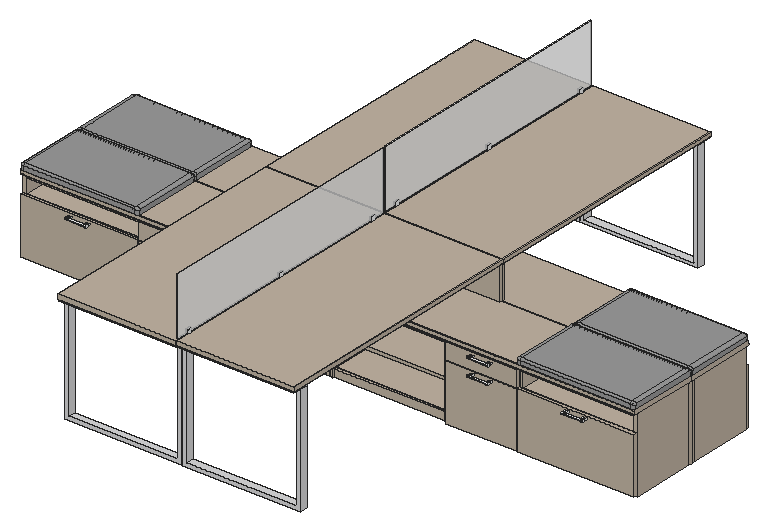
Revit family "JSI-Vision-Typical_Laminate-VST108", category Furniture, Revit 2020
Family settings
  OmniClass Number = 23.40.20.00
  OmniClass Title = General Furniture and Specialties
  Work Plane-Based = No
  Always vertical = Yes
  Cut with Voids When Loaded = No
  Shared = No
  Room Calculation Point = No
Parameters (values of type "VST108")
  URL = "www.jsifurniture.com"
  Type Comments = "Typical Laminate"  # constant formula
  Model = "VST108"
  Manufacturer = "JSI"  # constant formula
  Keynote = "12500"
  Default Elevation = 0"
  Assembly Code = "E2020200"
Reference planes (in)
  plane 1 "Center Front/Back": y = 0
  plane 2: z = 0
  plane 3 "Center Left/Right": x = 0
Dimensions and locks (in)
  aligned and locked: level to plane 2
Nested families (in)
  nested 1: "JSI-Vision-Privacy_Screen_Rectangle" at (-0.4038, 0, -0.4589) x (0, 1, 0) z (0, 0, 1), type "VSB1566ASR, Prvcy Scrn Rec 15"H, 66"W"
    with Width 66"
  nested 2: "JSI-Vision-Rectangle_Desk_Top" at (0, 0, -1.6464) x (0, -1, 0) z (0, 0, 1), type "VST3066MCT, Laminate Rectangular Desk Top, 30" x 66""
    with Width 66"
  nested 3: "JSI-Vision-Box_File_Modular_Bench_Pedestal" at (30, 0, 0), type "VSTB1818MBF - Laminate BF Modular Bench H Ped"
    with Height 18.744"
  nested 4: "JSI-Vision-Open_Shelf_File_Modular_Bench_Pedestal" at (47.9996, 0, 0), type "VSTB1830MOF, Laminate OF Modular Bench H Ped"
    with Width 30", Height 18.744"
  nested 5: "JSI-Vision-Open_Shelf_Modular_Bench_Pedestal" at (0, 0, 0), type "VSTB1830MOS, Laminate OS Modular Bench H Ped"
    with Width 30", Height 18.744"
  nested 6: "JSI-Vision-Bench_Height_Modular_Top" at (-78, 0, -0.6469), type "VSTB1878MT, Laminate Mod Bench H Top, 18" x 78""
    with Width 78", Depth 18"
  nested 7: "JSI-Vision-Open_Shelf_Modular_Bench_Pedestal" at (0, 0, 0) x (-1, 0, 0) z (0, 0, 1), type "VSTB1830MOS, Laminate OS Modular Bench H Ped"
    with Width 30", Height 18.744"
  nested 8: "JSI-Vision-Box_File_Modular_Bench_Pedestal" at (-30, 0, 0) x (-1, 0, 0) z (0, 0, 1), type "VSTB1818MBF - Laminate BF Modular Bench H Ped"
    with Height 18.744"
  nested 9: "JSI-Vision-Open_Shelf_File_Modular_Bench_Pedestal" at (-47.9996, 0, 0) x (-1, 0, 0) z (0, 0, 1), type "VSTB1830MOF, Laminate OF Modular Bench H Ped"
    with Width 30", Height 18.744"
  nested 10: "JSI-Vision-Box_File_Modular_Bench_Pedestal" at (30, 0, 0), type "VSTB1818MBF - Laminate BF Modular Bench H Ped"
    with Height 18.744"
  nested 11: "JSI-Vision-Open_Shelf_File_Modular_Bench_Pedestal" at (47.9996, 0, 0), type "VSTB1830MOF, Laminate OF Modular Bench H Ped"
    with Width 30", Height 18.744"
  nested 12: "JSI-Vision-Open_Shelf_Modular_Bench_Pedestal" at (0, 0, 0), type "VSTB1830MOS, Laminate OS Modular Bench H Ped"
    with Width 30", Height 18.744"
  nested 13: "JSI-Vision-Open_Shelf_Modular_Bench_Pedestal" at (0, 0, 0) x (-1, 0, 0) z (0, 0, 1), type "VSTB1830MOS, Laminate OS Modular Bench H Ped"
    with Width 30", Height 18.744"
  nested 14: "JSI-Vision-Box_File_Modular_Bench_Pedestal" at (-30, 0, 0) x (-1, 0, 0) z (0, 0, 1), type "VSTB1818MBF - Laminate BF Modular Bench H Ped"
    with Height 18.744"
  nested 15: "JSI-Vision-Open_Shelf_File_Modular_Bench_Pedestal" at (-47.9996, 0, 0) x (-1, 0, 0) z (0, 0, 1), type "VSTB1830MOF, Laminate OF Modular Bench H Ped"
    with Width 30", Height 18.744"
  nested 16: "JSI-Vision-Bench_Height_Cushion" at (-78, -18, 0.5406), type "VSB1830CUSH, 18d Bench H Cushion, 30 W"
    with Width 30", Depth 18"
  nested 17: "JSI-Vision-Bench_Height_Modular_Top" at (-78, 0, -0.6469), type "VSTB1878MT, Laminate Mod Bench H Top, 18" x 78""
    with Width 78", Depth 18"
  nested 18: "JSI-Vision-Bench_Height_Modular_Top" at (78, 0, -0.6469) x (-1, 0, 0) z (0, 0, 1), type "VSTB1878MT, Laminate Mod Bench H Top, 18" x 78""
    with Width 78", Depth 18"
  nested 19: "JSI-Vision-Bench_Height_Modular_Top" at (78, 0, -0.6469) x (-1, 0, 0) z (0, 0, 1), type "VSTB1878MT, Laminate Mod Bench H Top, 18" x 78""
    with Width 78", Depth 18"
  nested 20: "JSI-Vision-Bench_Height_Cushion" at (-78, 18, 0.5406), type "VSB1830CUSH, 18d Bench H Cushion, 30 W"
    with Width 30", Depth 18"
  nested 21: "JSI-Vision-Bench_Height_Cushion" at (78, -18, 0.5406) x (-1, 0, 0) z (0, 0, 1), type "VSB1830CUSH, 18d Bench H Cushion, 30 W"
    with Width 30", Depth 18"
  nested 22: "JSI-Vision-Bench_Height_Cushion" at (78, 18, 0.5406) x (-1, 0, 0) z (0, 0, 1), type "VSB1830CUSH, 18d Bench H Cushion, 30 W"
    with Width 30", Depth 18"
  nested 23: "JSI-Vision-Rectangle_Desk_Top" at (0, 0, -1.6464) x (0, -1, 0) z (0, 0, 1), type "VST3066MCT, Laminate Rectangular Desk Top, 30" x 66""
    with Width 66"
  nested 24: "JSI-Vision-Rectangle_Desk_Top" at (0, 0, -1.6464) x (0, 1, 0) z (0, 0, 1), type "VST3066MCT, Laminate Rectangular Desk Top, 30" x 66""
    with Width 66"
  nested 25: "JSI-Vision-Rectangle_Desk_Top" at (0, 0, -1.6464) x (0, 1, 0) z (0, 0, 1), type "VST3066MCT, Laminate Rectangular Desk Top, 30" x 66""
    with Width 66"
  nested 26: "JSI-Vision_Bench_Height_T_Sup" at (6.2517, -10.75, 20.0406), type "VSTB1030TSP, Laminate 30  Bench Height T Supports"
  nested 27: "JSI-Vision_Bench_Height_T_Sup" at (-6.2517, -10.75, 20.0406) x (-1, 0, 0) z (0, 0, 1), type "VSTB1030TSP, Laminate 30  Bench Height T Supports"
  nested 28: "JSI-Vision_Bench_Height_T_Sup" at (6.2517, 10.75, 20.0406), type "VSTB1030TSP, Laminate 30  Bench Height T Supports"
  nested 29: "JSI-Vision_Bench_Height_T_Sup" at (-6.2517, 10.75, 20.0406) x (-1, 0, 0) z (0, 0, 1), type "VSTB1030TSP, Laminate 30  Bench Height T Supports"
  nested 30: "JSI-Vision-Privacy_Screen_Rectangle" at (-0.4038, 0, -0.4589) x (0, -1, 0) z (0, 0, 1), type "VSB1566ASR, Prvcy Scrn Rec 15"H, 66"W"
    with Width 66"
  nested 31: "JSI-Vision-Metal_Rectangular_Base" at (-29.90625, -63, 0) x (0, 1, 0) z (0, 0, 1), type "VSB3028FSQ, Metal Rectangular Base for Peninsula 28 5/16"H"
  nested 32: "JSI-Vision-Metal_Rectangular_Base" at (29.90625, -63, 0) x (0, 1, 0) z (0, 0, 1), type "VSB3028FSQ, Metal Rectangular Base for Peninsula 28 5/16"H"
  nested 33: "JSI-Vision-Metal_Rectangular_Base" at (-29.90625, 63, 0) x (0, -1, 0) z (0, 0, 1), type "VSB3028FSQ, Metal Rectangular Base for Peninsula 28 5/16"H"
  nested 34: "JSI-Vision-Metal_Rectangular_Base" at (29.90625, 63, 0) x (0, -1, 0) z (0, 0, 1), type "VSB3028FSQ, Metal Rectangular Base for Peninsula 28 5/16"H"
  nested 35: "JSI-Vision-Support_Rail_Work_Surface" at (-16, -56.75, 0.54138) x (0, 1, 0) z (0, 0, 1), type "GP0243SB, Metal Support Rail for Work Surface  2W 43 L 3/4H"
  nested 36: "JSI-Vision-Support_Rail_Work_Surface" at (16, -56.75, 0.54138) x (0, 1, 0) z (0, 0, 1), type "GP0243SB, Metal Support Rail for Work Surface  2W 43 L 3/4H"
  nested 37: "JSI-Vision-Support_Rail_Work_Surface" at (-16, 56.75, 0.54138) x (0, -1, 0) z (0, 0, 1), type "GP0243SB, Metal Support Rail for Work Surface  2W 43 L 3/4H"
  nested 38: "JSI-Vision-Support_Rail_Work_Surface" at (16, 56.75, 0.54138) x (0, -1, 0) z (0, 0, 1), type "GP0243SB, Metal Support Rail for Work Surface  2W 43 L 3/4H"
Definition of nested family "JSI-Vision-Privacy_Screen_Rectangle"
  Parameters (values of type "VS1572ASR, Privacy Screen")
    Width = 72"
    URL = "www.jsifurniture.com"
    Type Comments = ""
    Series = "Vision Casegoods"  # constant formula
    Model = "VS1572ASR"
    Material = ""
    Manufacturer = "JSI"  # constant formula
    Keynote = "12500"  # constant formula
    JSI Enviromental Website = "http://www.jsifurniture.com/jsi_sustainability_intro.php"
    Floor Offset = 30"
    Height = 15"
    Description = "Privacy Screen, 72\" W"
    Depth = 1/4"
    Modesty Panel = none
    Default Elevation = 0"
    Brackets = none
    Assembly Code = "E2020200"
  Reference planes (in)
    plane 1 "Center Front/Back": y = 0
    plane 2: z = 0
    plane 3 "Center Left/Right": x = 0
    plane 4: z = 0
    plane 5: z = 30
    plane 6: x = 72
    plane 7: z = 45
    plane 8: x = 0.375
    plane 9: x = 71.625
    plane 10: x = 3.865
    plane 11: x = 36
    plane 12: y = -0.2788
    plane 13: y = -0.5288
    plane 14: x = 3.375
    plane 15: x = 4.355
    plane 16: x = 35.51
    plane 17: x = 36.49
    plane 18: x = 68.135
    plane 19: x = 68.625
    plane 20: x = 67.645
    plane 21: z = 30.11
    plane 22: y = -0.18258
    plane 23: y = -0.62502
  Forms (in)
    Extrusion 1, solid, material <- "Modesty Panel"
      sketch origin (-3.54233, -3.25, 16.1875) x (1, 0, 0) y (0, 0, 1)
        loop
          line (3.91733, 28.8125) -> (3.91733, 13.9225) -> (75.16733, 13.9225) -> (75.16733, 28.8125) -> (3.91733, 28.8125)
      from -2.9712 to -2.7212
    Extrusion 2, solid, material <- "Brackets"
      sketch origin (0, 0, 0) x (0, 1, 0) y (0, 0, 1)
        loop
          line (-0.5288, 31.06) -> (-0.62502, 31.06) -> (-0.62502, 30) -> (-0.18258, 30) -> (-0.18258, 31.06) -> (-0.2788, 31.06) -> (-0.2788, 30.11) -> (-0.5288, 30.11) -> (-0.5288, 31.06)
      from 3.375 to 4.355
    Extrusion 3, solid, material <- "Brackets"
      sketch origin (36, 7.87498, 48) x (0, -1, 0) y (0, 0, 1)
        loop
          line (8.40378, -16.94) -> (8.40378, -17.89) -> (8.15378, -17.89) -> (8.15378, -16.94) -> (8.05756, -16.94) -> (8.05756, -18) -> (8.5, -18) -> (8.5, -16.94) -> (8.40378, -16.94)
      from -0.49 to 0.49
    Extrusion 4, solid, material <- "Brackets"
      sketch origin (72, 0, 0) x (0, 1, 0) y (0, 0, -1)
        loop
          line (-0.5288, -31.06) -> (-0.5288, -30.11) -> (-0.2788, -30.11) -> (-0.2788, -31.06) -> (-0.18258, -31.06) -> (-0.18258, -30) -> (-0.62502, -30) -> (-0.62502, -31.06) -> (-0.5288, -31.06)
      from 3.375 to 4.355
  Lines and regions (in)
    symbolic lines
      curve 1: line (0.375, -0.5288, 0) -> (71.625, -0.5288, 0)
      curve 2: line (71.625, -0.2788, 0) -> (0.375, -0.2788, 0)
      curve 3: line (0.375, -0.2788, 0) -> (0.375, -0.5288, 0)
      curve 4: line (71.625, -0.5288, 0) -> (71.625, -0.2788, 0)
      curve 5: line (67.645, -0.2788, 0) -> (67.645, -0.18258, 0)
      curve 6: line (67.645, -0.18258, 0) -> (68.625, -0.18258, 0)
      curve 7: line (68.625, -0.18258, 0) -> (68.625, -0.2788, 0)
      curve 8: line (67.645, -0.5288, 0) -> (67.645, -0.62502, 0)
      curve 9: line (67.645, -0.62502, 0) -> (68.625, -0.62502, 0)
      curve 10: line (68.625, -0.62502, 0) -> (68.625, -0.5288, 0)
      curve 11: line (35.51, -0.5288, 0) -> (35.51, -0.62502, 0)
      curve 12: line (35.51, -0.62502, 0) -> (36.49, -0.62502, 0)
      curve 13: line (36.49, -0.62502, 0) -> (36.49, -0.5288, 0)
      curve 14: line (36.49, -0.2788, 0) -> (36.49, -0.18258, 0)
      curve 15: line (36.49, -0.18258, 0) -> (35.51, -0.18258, 0)
      curve 16: line (35.51, -0.18258, 0) -> (35.51, -0.2788, 0)
      curve 17: line (3.375, -0.5288, 0) -> (3.375, -0.62502, 0)
      curve 18: line (3.375, -0.62502, 0) -> (4.355, -0.62502, 0)
      curve 19: line (4.355, -0.62502, 0) -> (4.355, -0.5288, 0)
      curve 20: line (4.355, -0.2788, 0) -> (4.355, -0.18258, 0)
      curve 21: line (4.355, -0.18258, 0) -> (3.375, -0.18258, 0)
      curve 22: line (3.375, -0.18258, 0) -> (3.375, -0.2788, 0)
  Dimensions and locks (in)
    "Floor Offset": plane 5 to plane 4
    "Width": plane 3 "Center Left/Right" to plane 6
    plane 3 "Center Left/Right" to Extrusion 1 = 71 5/8"
    "Height": plane 7 to plane 5
    "Depth": plane 13 to plane 12
    locked: plane 12 to plane 1 "Center Front/Back" at 0.2788
    plane 3 "Center Left/Right" to plane 8 to plane 10 = 3/8" locked, 3.49" locked
    equal spacing: plane 3 "Center Left/Right", plane 11, plane 6
    equal spacing: plane 14, plane 10, plane 15
    locked: plane 14 to plane 15 at 0.98
    equal spacing: plane 16, plane 11, plane 17
    locked: plane 16 to plane 17 at 0.98
    equal spacing: plane 19, plane 18, plane 20
    locked: plane 19 to plane 20 at 0.98
    plane 18 to plane 9 to plane 6 = 3.49" locked, 3/8" locked
    locked: plane 21 to plane 5 at 0.11
    aligned and locked: level to plane 2
    aligned and locked: curve 4 to Extrusion 1
    aligned and locked: curve 2 to Extrusion 1
    aligned and locked: plane 8 to Extrusion 1
    aligned and locked: Extrusion 1 to plane 12
    aligned and locked: curve 1 to Extrusion 1
    aligned and locked: Extrusion 1 to plane 9
    aligned and locked: Extrusion 2 sketch curve to Extrusion 2 sketch curve
    aligned and locked: Extrusion 1 to Extrusion 2
    aligned and locked: Extrusion 3 sketch curve to Extrusion 3 sketch curve
    aligned and locked: plane 16 to Extrusion 3
    aligned and locked: Extrusion 3 to plane 17
    aligned and locked: plane 14 to Extrusion 2
    aligned and locked: Extrusion 2 to plane 15
    aligned and locked: Extrusion 4 sketch curve to Extrusion 4 sketch curve
    aligned and locked: Extrusion 4 to plane 19
    aligned and locked: plane 20 to Extrusion 4
    aligned and locked: Extrusion 2 sketch curve to plane 12
    aligned and locked: Extrusion 2 sketch curve to plane 13
    aligned and locked: plane 22 to Extrusion 2 sketch curve
    aligned and locked: plane 23 to Extrusion 2 sketch curve
    aligned and locked: Extrusion 2 sketch curve to plane 21
    aligned and locked: plane 5 to Extrusion 2 sketch curve
    aligned and locked: plane 7 to Extrusion 1
    aligned and locked: plane 12 to Extrusion 1
    aligned and locked: plane 13 to Extrusion 1
    aligned and locked: Extrusion 1 to plane 21
    aligned and locked: Extrusion 2 to plane 5  (x7)
    aligned and locked: Extrusion 2 to plane 23
    aligned and locked: plane 22 to Extrusion 2
    aligned and locked: plane 12 to Extrusion 2
    aligned and locked: Extrusion 2 to plane 13
    aligned and locked: plane 21 to Extrusion 2
    aligned and locked: Extrusion 3 to plane 5
    aligned and locked: Extrusion 4 to plane 5
    aligned and locked: Extrusion 3 to Extrusion 2
  Automatic sketch dimensions
    plane 8 to Extrusion 1 sketch curve = 0"
    plane 9 to Extrusion 1 sketch curve = 0"
    Extrusion 1 sketch curve to plane 7 = 0"
    plane 5 to Extrusion 1 sketch curve = 0.11"
    Extrusion 2 sketch curve to Extrusion 2 sketch curve = 0.95"
    Extrusion 3 sketch curve to plane 5 = 0"
    Extrusion 3 sketch curve to plane 12 = 0"
    Extrusion 3 sketch curve to plane 13 = 0"
    Extrusion 3 sketch curve to plane 12 = 0.09622"
    plane 13 to Extrusion 3 sketch curve = 0.09622"
    plane 5 to Extrusion 3 sketch curve = 0.11"
    Extrusion 3 sketch curve to Extrusion 3 sketch curve = 0.95"
    Extrusion 4 sketch curve to plane 5 = 0"
    Extrusion 4 sketch curve to plane 13 = 0"
    Extrusion 4 sketch curve to plane 12 = 0"
    plane 13 to Extrusion 4 sketch curve = 0.09622"
    Extrusion 4 sketch curve to plane 12 = 0.09622"
    plane 5 to Extrusion 4 sketch curve = 0.11"
    Extrusion 4 sketch curve to Extrusion 4 sketch curve = 0.95"
    curve 3 to plane 8 = 0"
    curve 22 to plane 14 = 0"
    curve 18 to plane 14 = 0"
    curve 21 to plane 15 = 0"
    curve 19 to plane 15 = 0"
    curve 12 to plane 16 = 0"
    curve 16 to plane 16 = 0"
    curve 15 to plane 17 = 0"
    curve 12 to plane 17 = 0"
    curve 5 to plane 20 = 0"
    curve 8 to plane 20 = 0"
    curve 6 to plane 19 = 0"
    curve 9 to plane 19 = 0"
    curve 12 to plane 23 = 0"
    curve 10 to plane 23 = 0"
    curve 19 to plane 23 = 0"
    curve 5 to plane 22 = 0"
    curve 15 to plane 22 = 0"
    curve 22 to plane 22 = 0"
Definition of nested family "JSI-Vision-Rectangle_Desk_Top"
  Parameters (values of type "Type Catalog")
    Worksurface = none
    Width = 42"
    URL = "www.jsifurniture.com"
    Type Comments = ""
    Series = "Vision Casegoods"  # constant formula
    Model = "Type Catalog"
    Material = ""
    Manufacturer = "JSI"  # constant formula
    Keynote = "12500"
    JSI Enviromental Website = "http://www.jsifurniture.com/jsi_sustainability_intro.php"
    Height = 30"
    Description = "Type Catalog"
    Depth = 30"
    Default Elevation = 0"
    Assembly Code = "E2020200"
  Reference planes (in)
    plane 1 "Center Front/Back": y = 0
    plane 2: z = 0
    plane 3 "Center Left/Right": x = 0
    plane 4: z = 0
    plane 5: x = 42
    plane 6: y = -30
    plane 7: z = 31.1875
    plane 8: z = 30
  Forms (in)
    Extrusion 1, solid, material <- "Worksurface"
      sketch origin (0, 0, 28) x (0, 1, 0) y (0, 0, 1)
        loop
          line (-29.88189, 2) -> (0, 2) -> (0, 3.1875) -> (-29.88189, 3.1875)
          arc (-29.88189, 3.1875) -> (-29.96541, 3.15291) -> (-30, 3.06939) r 0.11811
          line (-30, 3.06939) -> (-30, 2.11811)
          arc (-30, 2.11811) -> (-29.96541, 2.03459) -> (-29.88189, 2) r 0.11811
      from 0 to 42
  Lines and regions (in)
    symbolic lines
      curve 1: line (0, 0, 0) -> (42, 0, 0)
      curve 2: line (0, -30, 0) -> (0, 0, 0)
      curve 3: line (42, -30, 0) -> (0, -30, 0)
      curve 4: line (42, 0, 0) -> (42, -30, 0)
  Dimensions and locks (in)
    "Depth": plane 6 to plane 1 "Center Front/Back"
    "Width": plane 5 to plane 3 "Center Left/Right"
    locked: plane 7 to plane 8 at 1.1875
    "Height": plane 8 to level
    aligned and locked: level to plane 2
    aligned and locked: plane 5 to Extrusion 1
    aligned and locked: curve 1 to Extrusion 1
    aligned and locked: curve 2 to Extrusion 1
    aligned and locked: plane 6 to curve 3
    aligned and locked: curve 4 to plane 5
    aligned and locked: Extrusion 1 to plane 8
    aligned and locked: Extrusion 1 to plane 7
  Automatic sketch dimensions
    Extrusion 1 sketch curve to plane 6 = 0"
    level to Extrusion 1 sketch curve = 30"
    Extrusion 1 sketch curve to plane 7 = 0"
    Extrusion 1 sketch curve to plane 1 "Center Front/Back" = 0"
    Extrusion 1 sketch curve to Extrusion 1 sketch curve = 0.11811"
    plane 6 to Extrusion 1 sketch curve = 0.11811"
Definition of nested family "JSI-Vision-Box_File_Modular_Bench_Pedestal"
  Parameters (values of type "Type Catalog")
    Width = 18"
    URL = "www.jsifurniture.com"
    Top = none
    Tag = "BF"
    Series = "Vision Casegoods"  # constant formula
    Pull Finish = none
    Model = "Type Catalog"
    Manufacturer = "JSI"  # constant formula
    Keynote = "12500"
    JSI Enviromental Website = "http://www.jsifurniture.com/jsi_sustainability_intro.php"
    Height = 18 3/4"
    Description = "Type Catalog"
    Depth = 18"
    Default Elevation = 0"
    Chassis = none
    Drawer Front = none
    Assembly Code = "E2020200"
  Reference planes (in)
    plane 1 "Center Front/Back": y = 0
    plane 2: z = 0
    plane 3 "Center Left/Right": x = 0
    plane 4: x = 18
    plane 5: y = -17.12
    plane 6: y = -17.25
    plane 7: x = 0.0625
    plane 8: x = 17.9375
    plane 9: y = -18
    plane 10: z = 0.14
    plane 11: z = 14.3909
    plane 12: z = 14.5159
    plane 13: x = 0.75
    plane 14: x = 17.25
    plane 15: y = -0.75
    plane 16: y = -16.37913
    plane 17: x = 9
    plane 18: z = 18.75
    plane 19: z = 18.6409
    plane 20: z = 18
  Forms (in)
    Extrusion 1, solid, material <- "Chassis"
      sketch origin (0.125, -0.1875, 48) x (0, 1, 0) y (0, 0, 1)
        loop
          line (-0.5625, -29.25) -> (-16.9325, -29.25) -> (-16.9325, -48) -> (-0.5625, -48) -> (-0.5625, -29.25)
      from -0.125 to 0.625
    Extrusion 2, solid, material <- "Chassis"
      sketch origin (29.875, -0.1875, 48) x (0, 1, 0) y (0, 0, 1)
        loop
          line (-0.5625, -29.25) -> (-16.9325, -29.25) -> (-16.9325, -48) -> (-0.5625, -48) -> (-0.5625, -29.25)
      from -12.625 to -11.875
    Extrusion 3, solid, material <- "Drawer Front"
      sketch origin (0, 0, 0) x (1, 0, 0) y (0, 0, 1)
        loop
          line (0.0625, 18.6409) -> (0.0625, 14.5159) -> (17.9375, 14.5159) -> (17.9375, 18.6409) -> (0.0625, 18.6409)
        loop
          line (0.0625, 14.3909) -> (0.0625, 0.14) -> (17.9375, 0.14) -> (17.9375, 14.3909) -> (0.0625, 14.3909)
      from 17.25 to 18
    Extrusion 4, solid, material <- "Chassis"
      sketch origin (0, 0, 0) x (1, 0, 0) y (0, 1, 0)
        loop
          line (0.75, -16.37913) -> (0.75, -17.12) -> (17.25, -17.12) -> (17.25, -16.37913) -> (0.75, -16.37913)
      from 0 to 1.9375
    Extrusion 5, solid, material <- "Top"
      sketch origin (0, 0, 0) x (0, 1, 0) y (0, 0, 1)
        loop
          line (-1.5, 18.75) -> (-17.12, 18.75) -> (-17.12, 18) -> (-1.5, 18) -> (-1.5, 18.75)
      from 0.75 to 17.25
    Extrusion 6, solid, material <- "Chassis"
      sketch origin (0, 0, 0) x (0, 1, 0) y (0, 0, 1)
        loop
          line (-1.5, 13.75) -> (-0.75, 13.75) -> (-0.75, 18.75) -> (-1.5, 18.75) -> (-1.5, 13.75)
        loop
          line (-1.5, 0) -> (-0.75, 0) -> (-0.75, 5) -> (-1.5, 5) -> (-1.5, 0)
      from 0.75 to 17.25
  Lines and regions (in)
    symbolic lines
      curve 1: line (0, 0, 0) -> (18, 0, 0)
      curve 2: line (0, -17.12, 0) -> (0, 0, 0)
      curve 3: line (18, -17.12, 0) -> (0, -17.12, 0)
      curve 4: line (18, 0, 0) -> (18, -17.12, 0)
      curve 5: line (0.0625, -17.25, 0) -> (17.9375, -17.25, 0)
      curve 6: line (0.0625, -18, 0) -> (0.0625, -17.25, 0)
      curve 7: line (17.9375, -18, 0) -> (0.0625, -18, 0)
      curve 8: line (17.9375, -17.25, 0) -> (17.9375, -18, 0)
  Dimensions and locks (in)
    plane 16 to plane 5 to plane 6 to plane 9 = 0.74087" locked, 0.13" locked, 3/4" locked
    "Depth": plane 1 "Center Front/Back" to plane 9
    locked: plane 19 to plane 18 at 0.1091
    "Width": plane 3 "Center Left/Right" to plane 4
    equal spacing: plane 3 "Center Left/Right", plane 17, plane 4
    plane 1 "Center Front/Back" to plane 15 = 3/4"
    "Height": plane 18 to level
    locked: plane 18 to plane 20 at 0.75
    locked: plane 12 to plane 11 at 0.125
    plane 19 to plane 12 to plane 10 to plane 2 = 4 1/8" locked, 14.3759" locked, 0.14" locked
    plane 3 "Center Left/Right" to plane 7 to plane 13 = 1/16" locked, 11/16" locked
    plane 14 to plane 8 to plane 4 = 11/16" locked, 1/16" locked
    locked: Extrusion 6 sketch curve to plane 2 at 5
    locked: Extrusion 6 sketch curve to plane 18 at 5
    locked: plane 15 to Extrusion 6 sketch curve at 0.75
    locked: Extrusion 3 to nested 2 at 0.75
    locked: Extrusion 3 to nested 1 at 0.75
    aligned and locked: level to plane 2
    aligned and locked: plane 15 to Extrusion 1 sketch curve
    aligned and locked: Extrusion 1 sketch curve to plane 5
    aligned and locked: Extrusion 1 sketch curve to level
    aligned and locked: plane 13 to Extrusion 1
    aligned and locked: Extrusion 2 sketch curve to plane 15
    aligned and locked: level to Extrusion 2 sketch curve
    aligned and locked: plane 5 to Extrusion 2 sketch curve
    aligned and locked: Extrusion 3 sketch curve to plane 7  (x2)
    aligned and locked: plane 8 to Extrusion 3 sketch curve  (x2)
    aligned and locked: plane 12 to Extrusion 3 sketch curve
    aligned and locked: Extrusion 3 sketch curve to plane 11
    aligned and locked: plane 10 to Extrusion 3 sketch curve
    aligned and locked: Extrusion 3 to plane 9
    aligned and locked: plane 6 to Extrusion 3
    aligned and locked: Extrusion 4 sketch curve to plane 16
    aligned and locked: plane 13 to Extrusion 4 sketch curve
    aligned and locked: nested 1 to plane 9
    aligned and locked: nested 2 to plane 9
    aligned and locked: nested 2 to plane 17
    aligned and locked: nested 1 to plane 17
    aligned and locked: plane 17 to nested 3
    aligned and locked: nested 3 to plane 9
    aligned and locked: plane 18 to Extrusion 2
    aligned and locked: plane 18 to Extrusion 1
    aligned and locked: plane 19 to Extrusion 3 sketch curve
    aligned and locked: Extrusion 1 to plane 3 "Center Left/Right"
    aligned and locked: plane 3 "Center Left/Right" to curve 2
    aligned and locked: plane 1 "Center Front/Back" to curve 1
    aligned and locked: plane 4 to Extrusion 2
    aligned and locked: curve 4 to plane 4
    aligned and locked: Extrusion 5 sketch curve to plane 18
    aligned and locked: Extrusion 2 to plane 14
    aligned and locked: Extrusion 5 to plane 5
    aligned and locked: plane 14 to Extrusion 5
    aligned and locked: Extrusion 6 sketch curve to Extrusion 6 sketch curve  (x2)
    aligned and locked: plane 15 to Extrusion 6 sketch curve
    aligned and locked: plane 18 to Extrusion 6 sketch curve
    aligned and locked: Extrusion 6 sketch curve to plane 2
    aligned and locked: Extrusion 6 to Extrusion 5 sketch curve
    aligned and locked: Extrusion 6 to plane 13
    aligned and locked: plane 14 to Extrusion 6
  Automatic sketch dimensions
    Extrusion 4 sketch curve to plane 5 = 0"
    Extrusion 4 sketch curve to plane 14 = 0"
    curve 6 to plane 6 = 0"
    curve 6 to plane 7 = 0"
    curve 5 to plane 8 = 0"
    curve 6 to plane 9 = 0"
    curve 2 to plane 5 = 0"
    Extrusion 1 sketch curve to plane 18 = 0"
    Extrusion 2 sketch curve to plane 18 = 0"
    Extrusion 5 sketch curve to Extrusion 5 sketch curve = 3/4"
    plane 9 to Extrusion 5 sketch curve = 0.88"
  Nested families (in)
    nested 1: "Bar Pull" at (9, -18, 13.6409), Pull Finish <- "Pull Finish", type "PL"
      with Pull Finish none
    nested 2: "Bar Pull" at (9, -18, 17.8909), Pull Finish <- "Pull Finish", type "PL"
      with Pull Finish none
    nested 3: "Label 1-16" at (9, -18, 0), type "DRWCFG"
  Definition of nested family "Bar Pull"
    Parameters
      Pull Finish [instance] = none
      Default Elevation = 0"
    Reference planes (in)
      plane 1 "Center Front/Back": y = 0
      plane 2: z = 0
      plane 3 "Center Left/Right": x = 0
      plane 4: x = -2.68731
      plane 5: x = -1.88731
      plane 6: x = 2.68731
      plane 7: x = 1.88731
      plane 8: y = -1
      plane 9: y = -0.85202
    Forms (in)
      Extrusion 1, solid, material <- "Pull Finish"
        sketch origin (0, 0, 0) x (0, 1, 0) y (0, 0, 1)
          loop
            line (0, -0.2015) -> (0, 0.2015) -> (-0.85202, 0.2015)
            arc (-0.85202, 0.2015) -> (-0.75, 0) -> (-0.85202, -0.2015) r 0.25
            line (-0.85202, -0.2015) -> (0, -0.2015)
        from 1.88731 to 2.68731
      Extrusion 2, solid, material <- "Pull Finish"
        sketch origin (0, 0, 0) x (0, 1, 0) y (0, 0, 1)
          loop
            circle (-1, 0) r 0.25
        from -2.68731 to 2.68731
      Extrusion 3, solid, material <- "Pull Finish"
        sketch origin (0, 0, 0) x (0, 1, 0) y (0, 0, -1)
          loop
            line (0, 0.2015) -> (-0.85202, 0.2015)
            arc (-0.85202, 0.2015) -> (-0.75, 0) -> (-0.85202, -0.2015) r 0.25
            line (-0.85202, -0.2015) -> (0, -0.2015) -> (0, 0.2015)
        from 1.88731 to 2.68731
    Dimensions and locks (in)
      plane 4 to plane 5 to plane 3 "Center Left/Right" to plane 7 to plane 6 = 0.8" locked, 1.88731" locked, 1.88731" locked, 0.8" locked
      plane 8 to plane 9 to plane 1 "Center Front/Back" = 0.14798" locked, 0.85202" locked
      aligned and locked: level to plane 2
      aligned and locked: plane 4 to Extrusion 3
      aligned and locked: Extrusion 3 to plane 5
      aligned and locked: plane 4 to Extrusion 2
      aligned and locked: Extrusion 1 to plane 7
      aligned and locked: plane 6 to Extrusion 1
      aligned and locked: plane 6 to Extrusion 2
      aligned and locked: plane 8 to Extrusion 2 sketch curve
      aligned and locked: Extrusion 3 to plane 1 "Center Front/Back"
      aligned and locked: Extrusion 1 to plane 1 "Center Front/Back"
      aligned and locked: plane 5 to Extrusion 3
      aligned and locked: Extrusion 3 to plane 4
      aligned and locked: Extrusion 2 to plane 4
      aligned and locked: plane 7 to Extrusion 1
      aligned and locked: Extrusion 1 to plane 6
      aligned and locked: Extrusion 2 to plane 6
  Definition of nested family "Label 1-16"
    Parameters
      Width = 1"
      Model Name = "FF"
    Reference planes (in)
      plane 1: y = 0
      plane 2: x = 0
    Text (in)
      label "XX" at (0.00051, -0.12324, 0), shows "Model Name"
Definition of nested family "JSI-Vision-Open_Shelf_File_Modular_Bench_Pedestal"
  Parameters (values of type "Type Catalog")
    Width = 18"
    URL = "www.jsifurniture.com"
    Top = none
    Tag = "OF"
    Series = "Vision Casegoods"  # constant formula
    Pull Finish = none
    Model = "Type Catalog"
    Manufacturer = "JSI"  # constant formula
    Keynote = "12500"
    JSI Enviromental Website = "http://www.jsifurniture.com/jsi_sustainability_intro.php"
    Height = 18 3/4"
    Description = "Type Catalog"
    Depth = 18"
    Default Elevation = 0"
    Chassis = none
    Drawer Front = none
    Assembly Code = "E2020200"
  Reference planes (in)
    plane 1 "Center Front/Back": y = 0
    plane 2: z = 0
    plane 3 "Center Left/Right": x = 0
    plane 4: x = 18
    plane 5: y = -17.12
    plane 6: y = -17.25
    plane 7: x = 0.18716
    plane 8: x = 17.81244
    plane 9: y = -18
    plane 10: z = 1.04032
    plane 11: x = 0.75
    plane 12: x = 17.126
    plane 13: y = -0.8125
    plane 14: y = -16.37913
    plane 15: x = 9
    plane 16: z = 18.8591
    plane 17: z = 18.75
    plane 18: z = 18
  Forms (in)
    Extrusion 1, solid, material <- "Chassis"
      sketch origin (0, 0, 0) x (1, 0, 0) y (0, 1, 0)
        loop
          line (0, 0) -> (0, -0.8125) -> (18, -0.8125) -> (18, 0) -> (0, 0)
      from 0 to 18.8591
    Extrusion 2, solid, material <- "Chassis"
      sketch origin (0.125, -0.1875, 48) x (0, 1, 0) y (0, 0, 1)
        loop
          line (-0.625, -29.1409) -> (-16.9325, -29.1409) -> (-16.9325, -48) -> (-0.625, -48) -> (-0.625, -29.1409)
      from -0.125 to 0.625
    Extrusion 3, solid, material <- "Chassis"
      sketch origin (29.875, -0.1875, 48) x (0, 1, 0) y (0, 0, 1)
        loop
          line (-0.625, -29.1409) -> (-16.9325, -29.1409) -> (-16.9325, -48) -> (-0.625, -48) -> (-0.625, -29.1409)
      from -12.749 to -11.875
    Extrusion 4, solid, material <- "Drawer Front"
      sketch origin (0, 0, 0) x (1, 0, 0) y (0, 0, 1)
        loop
          line (0.18716, 14.41532) -> (0.18716, 0.14) -> (17.81244, 0.14) -> (17.81244, 14.41532) -> (0.18716, 14.41532)
      from 17.25 to 18
    Extrusion 5, solid, material <- "Chassis"
      sketch origin (0, 0, 0) x (1, 0, 0) y (0, 1, 0)
        loop
          line (0.75, -16.37913) -> (0.75, -17.12) -> (17.126, -17.12) -> (17.126, -16.37913) -> (0.75, -16.37913)
      from 0 to 1.9375
    Extrusion 6, solid, material <- "Top"
      sketch origin (0, 0, -6.35035) x (0, 1, 0) y (0, 0, 1)
        loop
          line (-0.8125, 24.35035) -> (-0.8125, 25.20945) -> (-17.12, 25.20945) -> (-17.12, 24.35035) -> (-0.8125, 24.35035)
      from 0.75 to 17.126
    Extrusion 7, solid, material <- "Chassis"
      sketch origin (0, 0, 0) x (0, 1, 0) y (0, 0, 1)
        loop
          line (-17.12, 14.41532) -> (-17.12, 13.66532) -> (-0.8125, 13.66532) -> (-0.8125, 14.41532) -> (-17.12, 14.41532)
      from 0.75 to 17.126
  Lines and regions (in)
    symbolic lines
      curve 1: line (0, 0, 0) -> (18, 0, 0)
      curve 2: line (0, -17.12, 0) -> (0, 0, 0)
      curve 3: line (18, -17.12, 0) -> (0, -17.12, 0)
      curve 4: line (18, 0, 0) -> (18, -17.12, 0)
      curve 5: line (0.18716, -17.25, 0) -> (17.81244, -17.25, 0)
      curve 6: line (0.18716, -18, 0) -> (0.18716, -17.25, 0)
      curve 7: line (17.81244, -18, 0) -> (0.18716, -18, 0)
      curve 8: line (17.81244, -17.25, 0) -> (17.81244, -18, 0)
  Dimensions and locks (in)
    plane 14 to plane 5 to plane 6 to plane 9 = 0.74087" locked, 0.13" locked, 3/4" locked
    "Depth": plane 1 "Center Front/Back" to plane 9
    locked: plane 17 to plane 16 at 0.1091
    plane 12 to plane 8 to plane 4 = 0.68644" locked, 0.18756" locked
    plane 3 "Center Left/Right" to plane 7 to plane 11 = 0.18716" locked, 0.56284" locked
    "Width": plane 3 "Center Left/Right" to plane 4
    equal spacing: plane 3 "Center Left/Right", plane 15, plane 4
    locked: plane 1 "Center Front/Back" to plane 13 at 0.8125
    locked: plane 18 to plane 17 at 0.75
    "Height": level to plane 17
    locked: Extrusion 4 sketch curve to plane 2 at 0.14
    locked: Extrusion 4 to nested 1 at 0.75
    aligned and locked: level to plane 2
    aligned and locked: plane 13 to Extrusion 1 sketch curve
    aligned and locked: plane 13 to Extrusion 2 sketch curve
    aligned and locked: Extrusion 2 sketch curve to plane 5
    aligned and locked: Extrusion 2 sketch curve to level
    aligned and locked: plane 11 to Extrusion 2
    aligned and locked: Extrusion 3 sketch curve to plane 13
    aligned and locked: level to Extrusion 3 sketch curve
    aligned and locked: plane 5 to Extrusion 3 sketch curve
    aligned and locked: Extrusion 4 sketch curve to plane 7
    aligned and locked: plane 8 to Extrusion 4 sketch curve
    aligned and locked: Extrusion 4 to plane 9
    aligned and locked: plane 6 to Extrusion 4
    aligned and locked: Extrusion 5 sketch curve to plane 14
    aligned and locked: plane 11 to Extrusion 5 sketch curve
    aligned and locked: nested 1 to plane 9
    aligned and locked: nested 1 to plane 15
    aligned and locked: plane 15 to nested 2
    aligned and locked: nested 2 to plane 9
    aligned and locked: plane 16 to Extrusion 3
    aligned and locked: plane 16 to Extrusion 2
    aligned and locked: plane 16 to Extrusion 1
    aligned and locked: Extrusion 1 to plane 1 "Center Front/Back"
    aligned and locked: Extrusion 2 to plane 3 "Center Left/Right"
    aligned and locked: plane 3 "Center Left/Right" to curve 2
    aligned and locked: Extrusion 1 to plane 3 "Center Left/Right"
    aligned and locked: plane 1 "Center Front/Back" to curve 1
    aligned and locked: plane 4 to Extrusion 1
    aligned and locked: plane 4 to Extrusion 3
    aligned and locked: curve 4 to plane 4
    aligned and locked: Extrusion 3 to plane 12
    aligned and locked: plane 13 to Extrusion 7 sketch curve
    aligned and locked: Extrusion 7 sketch curve to plane 5
    aligned and locked: Extrusion 7 to plane 11
    aligned and locked: plane 12 to Extrusion 7
    aligned and locked: plane 18 to Extrusion 6
    aligned and locked: plane 13 to Extrusion 6
    aligned and locked: Extrusion 6 to plane 5
    aligned and locked: Extrusion 6 to plane 11
    aligned and locked: plane 12 to Extrusion 6
    aligned and locked: plane 16 to Extrusion 6
  Automatic sketch dimensions
    Extrusion 5 sketch curve to plane 5 = 0"
    Extrusion 5 sketch curve to plane 12 = 0"
    plane 1 "Center Front/Back" to Extrusion 1 sketch curve = 0"
    plane 7 to Extrusion 1 sketch curve = 0.18716"
    curve 6 to plane 6 = 0"
    curve 6 to plane 7 = 0"
    curve 5 to plane 8 = 0"
    curve 6 to plane 9 = 0"
    curve 2 to plane 5 = 0"
    Extrusion 1 sketch curve to plane 8 = 0.18756"
    plane 9 to Extrusion 6 sketch curve = 0.88"
    plane 1 "Center Front/Back" to Extrusion 6 sketch curve = 13/16"
    Extrusion 6 sketch curve to plane 16 = 0.8591"
    Extrusion 2 sketch curve to plane 16 = 0"
    Extrusion 3 sketch curve to plane 16 = 0"
    Extrusion 6 sketch curve to plane 16 = 0"
    plane 18 to Extrusion 4 sketch curve = 3.58468"
    plane 18 to Extrusion 7 sketch curve = 4.33468"
    Extrusion 7 sketch curve to Extrusion 7 sketch curve = 3/4"
  Nested families (in)
    nested 1: "Bar Pull" at (9, -18, 13.66532), Pull Finish <- "Pull Finish", type "PL"
      with Pull Finish none
    nested 2: "Label 1-16" at (9, -18, 0), type "DRWCFG"
  Definition of nested family "Bar Pull"
    Parameters
      Pull Finish [instance] = none
      Default Elevation = 0"
    Reference planes (in)
      plane 1 "Center Front/Back": y = 0
      plane 2: z = 0
      plane 3 "Center Left/Right": x = 0
      plane 4: x = -2.68731
      plane 5: x = -1.88731
      plane 6: x = 2.68731
      plane 7: x = 1.88731
      plane 8: y = -1
      plane 9: y = -0.85202
    Forms (in)
      Extrusion 1, solid, material <- "Pull Finish"
        sketch origin (0, 0, 0) x (0, 1, 0) y (0, 0, 1)
          loop
            line (0, -0.2015) -> (0, 0.2015) -> (-0.85202, 0.2015)
            arc (-0.85202, 0.2015) -> (-0.75, 0) -> (-0.85202, -0.2015) r 0.25
            line (-0.85202, -0.2015) -> (0, -0.2015)
        from 1.88731 to 2.68731
      Extrusion 2, solid, material <- "Pull Finish"
        sketch origin (0, 0, 0) x (0, 1, 0) y (0, 0, 1)
          loop
            circle (-1, 0) r 0.25
        from -2.68731 to 2.68731
      Extrusion 3, solid, material <- "Pull Finish"
        sketch origin (0, 0, 0) x (0, 1, 0) y (0, 0, -1)
          loop
            line (0, 0.2015) -> (-0.85202, 0.2015)
            arc (-0.85202, 0.2015) -> (-0.75, 0) -> (-0.85202, -0.2015) r 0.25
            line (-0.85202, -0.2015) -> (0, -0.2015) -> (0, 0.2015)
        from 1.88731 to 2.68731
    Dimensions and locks (in)
      plane 4 to plane 5 to plane 3 "Center Left/Right" to plane 7 to plane 6 = 0.8" locked, 1.88731" locked, 1.88731" locked, 0.8" locked
      plane 8 to plane 9 to plane 1 "Center Front/Back" = 0.14798" locked, 0.85202" locked
      aligned and locked: level to plane 2
      aligned and locked: plane 4 to Extrusion 3
      aligned and locked: Extrusion 3 to plane 5
      aligned and locked: plane 4 to Extrusion 2
      aligned and locked: Extrusion 1 to plane 7
      aligned and locked: plane 6 to Extrusion 1
      aligned and locked: plane 6 to Extrusion 2
      aligned and locked: plane 8 to Extrusion 2 sketch curve
      aligned and locked: Extrusion 3 to plane 1 "Center Front/Back"
      aligned and locked: Extrusion 1 to plane 1 "Center Front/Back"
      aligned and locked: plane 5 to Extrusion 3
      aligned and locked: Extrusion 3 to plane 4
      aligned and locked: Extrusion 2 to plane 4
      aligned and locked: plane 7 to Extrusion 1
      aligned and locked: Extrusion 1 to plane 6
      aligned and locked: Extrusion 2 to plane 6
  Definition of nested family "Label 1-16"
    Parameters
      Width = 1"
      Model Name = "FF"
    Reference planes (in)
      plane 1: y = 0
      plane 2: x = 0
    Text (in)
      label "XX" at (0.00051, -0.12324, 0), shows "Model Name"
Definition of nested family "JSI-Vision-Open_Shelf_Modular_Bench_Pedestal"
  Parameters (values of type "Type Catalog")
    Width = 18"
    URL = "www.jsifurniture.com"
    Top = none
    Tag = "OS"
    Series = "Vision Casegoods"  # constant formula
    Model = "Type Catalog"
    Manufacturer = "JSI"  # constant formula
    Keynote = "12500"
    JSI Enviromental Website = "http://www.jsifurniture.com/jsi_sustainability_intro.php"
    Height = 18 3/4"
    Description = "Type Catalog"
    Depth = 18"
    Default Elevation = 0"
    Chassis = none
    Assembly Code = "E2020200"
  Reference planes (in)
    plane 1 "Center Front/Back": y = 0
    plane 2: z = 0
    plane 3 "Center Left/Right": x = 0
    plane 4: x = 18
    plane 5: x = 0.18716
    plane 6: x = 17.81244
    plane 7: z = 9.375
    plane 8: x = 0.75
    plane 9: x = 17.126
    plane 10: y = -0.8125
    plane 11: y = -17.25
    plane 12: x = 9
    plane 13: z = 18.8591
    plane 14: z = 18.75
    plane 15: z = 8.625
    plane 16: z = 1.9375
    plane 17: z = 1.1875
    plane 18: y = -17.875
    plane 19: y = -16.25
    plane 20: y = -17
    plane 21: y = -18
    plane 22: z = 18.1091
  Forms (in)
    Extrusion 1, solid, material <- "Chassis"
      sketch origin (0, 0, 0) x (1, 0, 0) y (0, 1, 0)
        loop
          line (0, 0) -> (0, -0.8125) -> (18, -0.8125) -> (18, 0) -> (0, 0)
      from 0 to 18.8591
    Extrusion 2, solid, material <- "Chassis"
      sketch origin (0.125, -0.1875, 48) x (0, 1, 0) y (0, 0, 1)
        loop
          line (-0.625, -29.1409) -> (-17.0625, -29.1409) -> (-17.0625, -48) -> (-0.625, -48) -> (-0.625, -29.1409)
      from -0.125 to 0.625
    Extrusion 3, solid, material <- "Chassis"
      sketch origin (29.875, -0.1875, 48) x (0, 1, 0) y (0, 0, 1)
        loop
          line (-0.625, -29.1409) -> (-17.0625, -29.1409) -> (-17.0625, -48) -> (-0.625, -48) -> (-0.625, -29.1409)
      from -12.749 to -11.875
    Extrusion 4, solid, material <- "Chassis"
      sketch origin (0, 0, 0) x (1, 0, 0) y (0, 1, 0)
        loop
          line (0.75, -16.25) -> (0.75, -17) -> (17.126, -17) -> (17.126, -16.25) -> (0.75, -16.25)
      from 0 to 1.9375
    Extrusion 5, solid, material <- "Chassis"
      sketch origin (0, 0, 0) x (0, 1, 0) y (0, 0, 1)
        loop
          line (-16.25, 9.375) -> (-16.25, 8.625) -> (-0.8125, 8.625) -> (-0.8125, 9.375) -> (-16.25, 9.375)
        loop
          line (-0.8125, 18.1091) -> (-0.8125, 18.8591) -> (-17.25, 18.8591) -> (-17.25, 18.1091) -> (-0.8125, 18.1091)
        loop
          line (-0.8125, 1.1875) -> (-0.8125, 1.9375) -> (-16.25, 1.9375) -> (-16.25, 1.1875) -> (-0.8125, 1.1875)
      from 0.75 to 17.126
  Lines and regions (in)
    symbolic lines
      curve 1: line (0, 0, 0) -> (18, 0, 0)
      curve 2: line (0, -17.875, 0) -> (0, 0, 0)
      curve 3: line (18, -17.875, 0) -> (0, -17.875, 0)
      curve 4: line (18, 0, 0) -> (18, -17.875, 0)
  Dimensions and locks (in)
    locked: plane 14 to plane 13 at 0.1091
    plane 9 to plane 6 to plane 4 = 0.68644" locked, 0.18756" locked
    plane 3 "Center Left/Right" to plane 5 to plane 8 = 0.18716" locked, 0.56284" locked
    "Width": plane 3 "Center Left/Right" to plane 4
    equal spacing: plane 3 "Center Left/Right", plane 12, plane 4
    locked: plane 1 "Center Front/Back" to plane 10 at 0.8125
    plane 16 to plane 17 to level = 3/4" locked, 1 3/16" locked
    plane 19 to plane 20 to plane 11 to plane 18 to plane 21 = 3/4" locked, 1/4" locked, 5/8" locked, 1/8" locked
    "Depth": plane 1 "Center Front/Back" to plane 21
    locked: plane 13 to plane 22 at 0.75
    "Height": level to plane 14
    aligned and locked: level to plane 2
    aligned and locked: plane 10 to Extrusion 1 sketch curve
    aligned and locked: plane 10 to Extrusion 2 sketch curve
    aligned and locked: Extrusion 2 sketch curve to level
    aligned and locked: Extrusion 3 sketch curve to plane 10
    aligned and locked: level to Extrusion 3 sketch curve
    aligned and locked: plane 8 to Extrusion 4 sketch curve
    aligned and locked: plane 12 to nested 1
    aligned and locked: plane 13 to Extrusion 1
    aligned and locked: Extrusion 1 to plane 1 "Center Front/Back"
    aligned and locked: plane 3 "Center Left/Right" to curve 2
    aligned and locked: Extrusion 1 to plane 3 "Center Left/Right"
    aligned and locked: plane 1 "Center Front/Back" to curve 1
    aligned and locked: plane 4 to Extrusion 1
    aligned and locked: curve 4 to plane 4
    aligned and locked: plane 10 to Extrusion 5 sketch curve  (x3)
    aligned and locked: plane 7 to Extrusion 5 sketch curve
    aligned and locked: Extrusion 5 sketch curve to plane 15
    aligned and locked: Extrusion 5 to plane 8
    aligned and locked: plane 9 to Extrusion 5
    aligned and locked: Extrusion 2 to plane 11
    aligned and locked: Extrusion 3 to plane 11
    aligned and locked: plane 19 to Extrusion 4
    aligned and locked: Extrusion 4 to plane 20
    aligned and locked: Extrusion 5 to plane 19
    aligned and locked: plane 13 to Extrusion 5 sketch curve
    aligned and locked: Extrusion 5 sketch curve to plane 11
    aligned and locked: plane 16 to Extrusion 5 sketch curve
    aligned and locked: Extrusion 5 sketch curve to plane 17
    aligned and locked: Extrusion 5 sketch curve to plane 19
    aligned and locked: plane 18 to curve 3
    aligned and locked: Extrusion 3 to plane 9
    aligned and locked: plane 4 to Extrusion 3
    aligned and locked: nested 1 to plane 21
    aligned and locked: Extrusion 5 to plane 22
  Automatic sketch dimensions
    Extrusion 4 sketch curve to plane 9 = 0"
    plane 1 "Center Front/Back" to Extrusion 1 sketch curve = 0"
    plane 5 to Extrusion 1 sketch curve = 0.18716"
    Extrusion 1 sketch curve to plane 6 = 0.18756"
    plane 11 to Extrusion 2 sketch curve = 0"
    plane 11 to Extrusion 3 sketch curve = 0"
    plane 18 to Extrusion 4 sketch curve = 7/8"
    plane 11 to Extrusion 4 sketch curve = 1"
    Extrusion 5 sketch curve to plane 19 = 0"
    plane 14 to Extrusion 5 sketch curve = 0.6409"
    Extrusion 2 sketch curve to plane 13 = 0"
    Extrusion 3 sketch curve to plane 13 = 0"
  Nested families (in)
    nested 1: "Label 1-16" at (9, -18, 0), type "DRWCFG"
  Definition of nested family "Label 1-16"
    Parameters
      Width = 1"
      Model Name = "FF"
    Reference planes (in)
      plane 1: y = 0
      plane 2: x = 0
    Text (in)
      label "XX" at (0.00051, -0.12324, 0), shows "Model Name"
Definition of nested family "JSI-Vision-Bench_Height_Modular_Top"
  Parameters (values of type "Type Catalog")
    Worksurface = none
    Width = 42"
    URL = "www.jsifurniture.com"
    Type Comments = ""
    Series = "Vision Casegoods"  # constant formula
    Model = "Type Catalog"
    Material = ""
    Manufacturer = "JSI"  # constant formula
    Keynote = "12500"
    JSI Enviromental Website = "http://www.jsifurniture.com/jsi_sustainability_intro.php"
    Height = 19 1/2"
    Description = "Type Catalog"
    Depth = 30"
    Default Elevation = 0"
    Assembly Code = "E2020200"
  Reference planes (in)
    plane 1 "Center Front/Back": y = 0
    plane 2: z = 0
    plane 3 "Center Left/Right": x = 0
    plane 4: z = 0
    plane 5: x = 42
    plane 6: y = -30
    plane 7: z = 20.6875
    plane 8: z = 19.5
  Forms (in)
    Extrusion 1, solid, material <- "Worksurface"
      sketch origin (0, 0, 28) x (0, 1, 0) y (0, 0, 1)
        loop
          line (-29.88189, -8.5) -> (0, -8.5) -> (0, -7.3125) -> (-29.88189, -7.3125)
          arc (-29.88189, -7.3125) -> (-29.96541, -7.34709) -> (-30, -7.43061) r 0.11811
          line (-30, -7.43061) -> (-30, -8.38189)
          arc (-30, -8.38189) -> (-29.96541, -8.46541) -> (-29.88189, -8.5) r 0.11811
      from 0 to 42
  Lines and regions (in)
    symbolic lines
      curve 1: line (0, 0, 0) -> (42, 0, 0)
      curve 2: line (0, -30, 0) -> (0, 0, 0)
      curve 3: line (42, -30, 0) -> (0, -30, 0)
      curve 4: line (42, 0, 0) -> (42, -30, 0)
  Dimensions and locks (in)
    "Depth": plane 6 to plane 1 "Center Front/Back"
    "Width": plane 5 to plane 3 "Center Left/Right"
    locked: plane 7 to plane 8 at 1.1875
    "Height": plane 8 to level
    aligned and locked: level to plane 2
    aligned and locked: plane 5 to Extrusion 1
    aligned and locked: curve 1 to Extrusion 1
    aligned and locked: curve 2 to Extrusion 1
    aligned and locked: plane 6 to curve 3
    aligned and locked: curve 4 to plane 5
    aligned and locked: Extrusion 1 to plane 8
    aligned and locked: Extrusion 1 to plane 7
  Automatic sketch dimensions
    Extrusion 1 sketch curve to plane 6 = 0"
    level to Extrusion 1 sketch curve = 19 1/2"
    Extrusion 1 sketch curve to plane 7 = 0"
    Extrusion 1 sketch curve to plane 1 "Center Front/Back" = 0"
    Extrusion 1 sketch curve to Extrusion 1 sketch curve = 0.11811"
    plane 6 to Extrusion 1 sketch curve = 0.11811"
Definition of nested family "JSI-Vision-Bench_Height_Cushion"
  Parameters (values of type "Type Catalog")
    Width = 36"
    URL = "www.jsifurniture.com"
    Type Comments = ""
    Series = "Vision Casegoods"  # constant formula
    Model = "Type Catalog"
    Material = ""
    Manufacturer = "JSI"  # constant formula
    Keynote = "12500"
    JSI Enviromental Website = "http://www.jsifurniture.com/jsi_sustainability_intro.php"
    Height = 1 1/2"
    Description = "Type Catalog"
    Depth = 24"
    Default Elevation = 0"
    Cushion Finish = none
    Bench Height = 19 1/2"
    Assembly Code = "E2020200"
  Reference planes (in)
    plane 1 "Center Front/Back": y = 0
    plane 2: z = 0
    plane 3 "Center Left/Right": x = 0
    plane 4: z = 0
    plane 5: z = 19.5
    plane 6: z = 21
    plane 7: z = 20.625
    plane 8: x = 36
    plane 9: y = -24
  Forms (in)
    Sweep 1, solid, material <- "Cushion Finish"
      path origin (7.5, 51.481, 49.125) x (0, 1, 0) y (0, 0, 1)
        loop
          line (-51.481, -29.625) -> (-51.481, -28.5625)
          arc (-51.481, -28.5625) -> (-51.60914, -28.25314) -> (-51.9185, -28.125) r 0.4375
          line (-51.9185, -28.125) -> (-75.0435, -28.125)
          arc (-75.0435, -28.125) -> (-75.35286, -28.25314) -> (-75.481, -28.5625) r 0.4375
          line (-75.481, -28.5625) -> (-75.481, -29.625)
      profile origin (7.5, -12, 21) x (0, 0, -1) y (1, 0, 0)
        loop
          line (0.375, -7.5) -> (0.375, 28.5)
          spline (0.375, 28.5) -> (0.32605, 28.49144) -> (0.27794, 28.46593) -> (0.23149, 28.42388) -> (0.1875, 28.36603) -> (0.14671, 28.29335) -> (0.10983, 28.20711) -> (0.07749, 28.10876) -> (0.05024, 28) -> (0.02855, 27.88268) -> (0.01278, 27.75882) -> (0.00321, 27.63053) -> (0, 27.5)
          line (0, 27.5) -> (0, -6.5)
          spline (0, -6.5) -> (0.00321, -6.63053) -> (0.01278, -6.75882) -> (0.02855, -6.88268) -> (0.05024, -7) -> (0.07749, -7.10876) -> (0.10983, -7.20711) -> (0.14671, -7.29335) -> (0.1875, -7.36603) -> (0.23149, -7.42388) -> (0.27794, -7.46593) -> (0.32605, -7.49144) -> (0.375, -7.5)
    Extrusion 2, solid, material <- "Cushion Finish"
      sketch origin (7.5, 51.481, 49.125) x (0, 1, 0) y (0, 0, 1)
        loop
          line (-51.856, -29.625) -> (-51.856, -28.5625)
          arc (-51.856, -28.5625) -> (-51.87431, -28.51831) -> (-51.9185, -28.5) r 0.0625
          line (-51.9185, -28.5) -> (-75.0435, -28.5)
          arc (-75.0435, -28.5) -> (-75.0877, -28.51831) -> (-75.106, -28.5625) r 0.0625
          line (-75.106, -28.5625) -> (-75.106, -29.625) -> (-51.856, -29.625)
      from -7.5 to 28.5
  Lines and regions (in)
    symbolic lines
      curve 1: line (36, -0.375, 0) -> (36, -23.625, 0)
      curve 2: line (35, -24, 0) -> (1, -24, 0)
      curve 3: spline (0, -23.625, 0) -> (0.00856, -23.67395, 0) -> (0.03407, -23.72206, 0) -> (0.07612, -23.76851, 0) -> (0.13397, -23.8125, 0) -> (0.20665, -23.85329, 0) -> (0.29289, -23.89017, 0) -> (0.39124, -23.92251, 0) -> (0.5, -23.94976, 0) -> (0.61732, -23.97145, 0) -> (0.74118, -23.98722, 0) -> (0.86947, -23.99679, 0) -> (1, -24, 0)
      curve 4: spline (36, -23.625, 0) -> (35.99144, -23.67395, 0) -> (35.96593, -23.72206, 0) -> (35.92388, -23.76851, 0) -> (35.86603, -23.8125, 0) -> (35.79335, -23.85329, 0) -> (35.70711, -23.89017, 0) -> (35.60876, -23.92251, 0) -> (35.5, -23.94976, 0) -> (35.38268, -23.97145, 0) -> (35.25882, -23.98722, 0) -> (35.13053, -23.99679, 0) -> (35, -24, 0)
      curve 5: line (1, 0, 0) -> (35, 0, 0)
      curve 6: spline (36, -0.375, 0) -> (35.99144, -0.32605, 0) -> (35.96593, -0.27794, 0) -> (35.92388, -0.23149, 0) -> (35.86603, -0.1875, 0) -> (35.79335, -0.14671, 0) -> (35.70711, -0.10983, 0) -> (35.60876, -0.07749, 0) -> (35.5, -0.05024, 0) -> (35.38268, -0.02855, 0) -> (35.25882, -0.01278, 0) -> (35.13053, -0.00321, 0) -> (35, 0, 0)
      curve 7: spline (0, -0.375, 0) -> (0.00856, -0.32605, 0) -> (0.03407, -0.27794, 0) -> (0.07612, -0.23149, 0) -> (0.13397, -0.1875, 0) -> (0.20665, -0.14671, 0) -> (0.29289, -0.10983, 0) -> (0.39124, -0.07749, 0) -> (0.5, -0.05024, 0) -> (0.61732, -0.02855, 0) -> (0.74118, -0.01278, 0) -> (0.86947, -0.00321, 0) -> (1, 0, 0)
      curve 8: line (0, -0.375, 0) -> (0, -23.625, 0)
  Dimensions and locks (in)
    "Height": plane 6 to plane 5
    locked: plane 7 to plane 5 at 1.125
    "Bench Height": plane 5 to level
    "Width": plane 3 "Center Left/Right" to plane 8
    "Depth": plane 1 "Center Front/Back" to plane 9
    locked: Sweep 1 sketch curve to plane 3 "Center Left/Right" at 1
    locked: Sweep 1 sketch curve to plane 8 at 1
    aligned and locked: level to plane 2
    aligned and locked: level to plane 4
    aligned and locked: Sweep 1 to plane 5
    aligned and locked: Extrusion 2 to Sweep 1  (x3)
    aligned and locked: Extrusion 2 to plane 3 "Center Left/Right"
    aligned and locked: Extrusion 2 to plane 8
    aligned and locked: plane 1 "Center Front/Back" to Sweep 1 sketch curve
    aligned and locked: plane 9 to Sweep 1 sketch curve
    aligned and locked: Sweep 1 sketch curve to plane 6
  Automatic sketch dimensions
    Sweep 1 sketch curve to plane 5 = 0"  (x2)
    Sweep 1 sketch curve to plane 7 = 1/16"
    plane 1 "Center Front/Back" to Sweep 1 sketch curve = 7/16"
    Sweep 1 sketch curve to profile plane = 0"
    Sweep 1 sketch curve to profile plane = 3/8"
    Sweep 1 sketch curve to Sweep 1 sketch curve = 1"  (x2)
    Extrusion 2 sketch curve to plane 5 = 0"
    Extrusion 2 sketch curve to plane 7 = 0"
    plane 9 to Extrusion 2 sketch curve = 3/8"
    Extrusion 2 sketch curve to plane 7 = 1/16"
    plane 1 "Center Front/Back" to Extrusion 2 sketch curve = 7/16"
    plane 1 "Center Front/Back" to Extrusion 2 sketch curve = 3/8"
    curve 3 to plane 3 "Center Left/Right" = 0"
    curve 3 to plane 9 = 0"
    plane 1 "Center Front/Back" to curve 7 = 0"
    curve 4 to plane 8 = 0"
    plane 3 "Center Left/Right" to curve 2 = 1"
    plane 3 "Center Left/Right" to curve 5 = 1"
    plane 8 to curve 5 = 1"
    plane 8 to curve 2 = 1"
    plane 9 to curve 1 = 3/8"
    plane 1 "Center Front/Back" to curve 1 = 3/8"
    plane 9 to curve 3 = 3/8"
    plane 1 "Center Front/Back" to curve 8 = 3/8"
Definition of nested family "JSI-Vision_Bench_Height_T_Sup"
  Parameters (values of type "VSTB1030TSP, Laminate 30  Bench Height T Supports")
    Default Elevation = 0"
    Chassis = none
    Width = 29 5/8"
    URL = "www.jsifurniture.com"
    Type Comments = ""
    Series = "Vision Casegoods"  # constant formula
    Model = "VSTB1030TSP"
    Material = ""
    Manufacturer = "JSI"  # constant formula
    Keynote = "12500"
    JSI Enviromental Website = "http://www.jsifurniture.com/jsi_sustainability_intro.php"
    Height = 8.313"
    Grommet Finish = none
    Description = "Bench Height T Supports, 30\" Width, Laminate"
    Depth = 9 3/4"
    Assembly Code = "E2020200"
  Reference planes (in)
    plane 1: z = 0
    plane 2 "Center (Left/Right)": x = -36.06413
    plane 3: z = 8.313
    plane 4: y = 1
    plane 5 "Center (Front/Back)": y = 10.75
    plane 6: x = -21.25163
    plane 7: x = -6.43913
    plane 8: y = 10
    plane 9: y = 8
    plane 10: z = 6.8755
    plane 11: x = -20.87663
    plane 12: x = -21.62663
  Forms (in)
    Extrusion 1, solid, material <- "Chassis"
      sketch origin (0, 10.75, 0) x (1, 0, 0) y (0, 0, 1)
        loop
          line (-36.06413, 8.313) -> (-36.06413, 0) -> (-6.43913, 0) -> (-6.43913, 8.313) -> (-20.87248, 8.313) -> (-36.06413, 8.313)
      from 0 to 0.75
    Extrusion 2, solid, material <- "Chassis"
      sketch origin (-36.06413, 0, 0) x (0, 1, 0) y (0, 0, 1)
        loop
          line (10, 6.8755) -> (8.25, 6.8755)
          arc (8.25, 6.8755) -> (8.07322, 6.94872) -> (8, 7.1255) r 0.25
          line (8, 7.1255) -> (8, 8.313) -> (1, 8.313) -> (1, 0) -> (10, 0) -> (10, 6.8755)
      from 14.4375 to 15.1875
  Lines and regions (in)
    symbolic lines
      curve 1: line (-6.43913, 10.75, 0) -> (-36.06413, 10.75, 0)
      curve 2: line (-36.06413, 10.75, 0) -> (-36.06413, 10, 0)
      curve 3: line (-36.06413, 10, 0) -> (-6.43913, 10, 0)
      curve 4: line (-6.43913, 10, 0) -> (-6.43913, 10.75, 0)
      curve 5: line (-21.62663, 10, 0) -> (-21.62663, 1, 0)
      curve 6: line (-20.87663, 1, 0) -> (-20.87663, 10, 0)
      curve 7: line (-21.62663, 1, 0) -> (-20.87663, 1, 0)
  Dimensions and locks (in)
    "Height": plane 3 to level
    "Depth": plane 5 "Center (Front/Back)" to plane 4
    equal spacing: plane 2 "Center (Left/Right)", plane 6, plane 7
    "Width": plane 2 "Center (Left/Right)" to plane 7
    locked: plane 5 "Center (Front/Back)" to plane 8 at 0.75
    locked: plane 3 to plane 10 at 1.4375
    locked: plane 5 "Center (Front/Back)" to plane 9 at 2.75
    plane 11 to plane 6 to plane 12 = 3/8" locked, 3/8" locked
    aligned and locked: level to plane 1
    aligned and locked: plane 3 to Extrusion 1 sketch curve
    aligned and locked: Extrusion 1 sketch curve to plane 3
    aligned and locked: Extrusion 1 sketch curve to plane 2 "Center (Left/Right)"
    aligned and locked: Extrusion 1 sketch curve to plane 7
    aligned and locked: Extrusion 1 sketch curve to level
    aligned and locked: Extrusion 1 to plane 8
    aligned and locked: Extrusion 1 to plane 5 "Center (Front/Back)"
    aligned and locked: Extrusion 2 sketch curve to plane 8
    aligned and locked: Extrusion 2 sketch curve to plane 3
    aligned and locked: plane 4 to Extrusion 2 sketch curve
    aligned and locked: level to Extrusion 2 sketch curve
    aligned and locked: Extrusion 2 sketch curve to plane 9
    aligned and locked: Extrusion 2 sketch curve to plane 10
    aligned and locked: plane 11 to Extrusion 2
    aligned and locked: Extrusion 2 to plane 12
    aligned and locked: curve 1 to Extrusion 1
    aligned and locked: curve 2 to Extrusion 1
    aligned and locked: curve 3 to Extrusion 1
    aligned and locked: curve 4 to Extrusion 1
    aligned and locked: curve 5 to Extrusion 2
    aligned and locked: curve 6 to Extrusion 2
    aligned and locked: curve 7 to Extrusion 2
  Automatic sketch dimensions
    Extrusion 2 sketch curve to Extrusion 2 sketch curve = 1/4"
    curve 1 to plane 2 "Center (Left/Right)" = 0"
    plane 5 "Center (Front/Back)" to curve 1 = 0"
    curve 1 to plane 7 = 0"
    curve 2 to plane 8 = 0"
    curve 5 to plane 12 = 0"
    curve 6 to plane 4 = 0"
    curve 6 to plane 11 = 0"
    plane 11 to Extrusion 1 sketch curve = 0.00416"
Definition of nested family "JSI-Vision-Metal_Rectangular_Base"
  Parameters (values of type "VSB3028FSQ, Metal Rectangular Base for Peninsula 28 5/16"H")
    Width = 29 13/16"
    URL = "www.jsifurniture.com"
    Type Comments = ""
    Series = "Vision Casegoods"  # constant formula
    Model = "VSB3028FSQ"
    Manufacturer = "JSI"  # constant formula
    Keynote = "12500"  # constant formula
    JSI Enviromental Website = "http://www.jsifurniture.com/jsi_sustainability_intro.php"
    Height = 28 5/16"
    Glide Finish = none
    Depth = 2"
    Default Elevation = 0"
    Base Finish = none
    Description = "Metal Rectangular Base for Peninsula 29 13/16\"W x 2\"D x 28 5/16\"H"
    Assembly Code = "E2020200"
  Reference planes (in)
    plane 1 "Center Front/Back": y = 0
    plane 2: z = 0
    plane 3 "Center Left/Right": x = 0
    plane 4: z = 0
    plane 5: z = 28.3125
    plane 6: x = -3
    plane 7: x = -1
    plane 8: y = -29.8125
    plane 9: x = 1
    plane 10: z = 28.0625
    plane 11: y = -2
    plane 12: y = -27.8125
  Forms (in)
    Sweep 1, solid, material <- "Base Finish"
      path origin (0, 0, 0) x (0, 1, 0) y (0, 0, 1)
        loop
          line (-29.8125, 28.0625) -> (-29.8125, 0.25) -> (0, 0.25) -> (0, 28.0625)
      profile origin (0, -29.8125, 14.15625) x (1, 0, 0) y (0, 1, 0)
        loop
          line (-1, 1) -> (-1, 0) -> (1, 0) -> (1, 1) -> (-1, 1)
    Extrusion 2, solid, material <- "Base Finish"
      sketch origin (0, 0, 0) x (1, 0, 0) y (0, 1, 0)
        loop
          line (-3, 0) -> (-3, -29.8125) -> (1, -29.8125) -> (1, 0) -> (-3, 0)
      from 28.3125 to 28.0625
    Revolve 3, solid, material <- "Glide Finish"
      sketch origin (0, 0, 0) x (0, 1, 0) y (0, 0, 1)
        loop
          line (-2, 0.75) -> (-2, 0) -> (-1.76145, 0)
          arc (-1.76145, 0) -> (-1.7185, 0.01649) -> (-1.69761, 0.05748) r 0.06418
